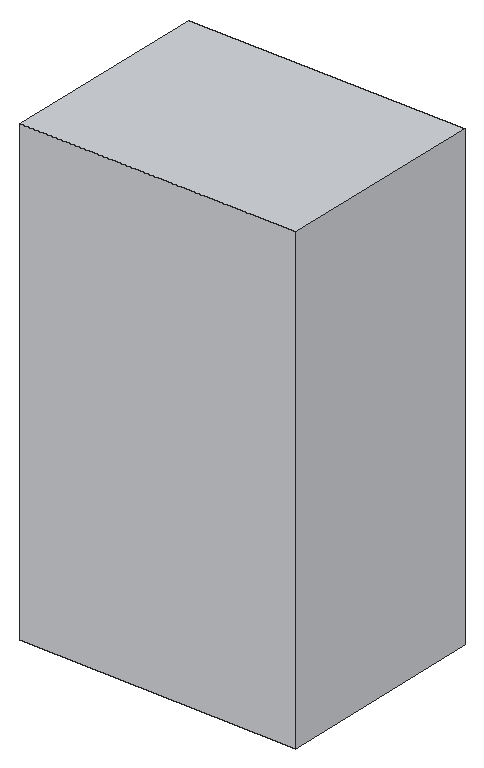
Revit family
Parameters
  Warranty Duration (Years) = 0
  Unit Length [instance] = 0' - 7 3/4"
  URL = "http://www.americanspecialties.com/viewCategories.cfm"
  Paper Roll = Paper
  Test Data = ""
  Body Material = Metal - Stainless Steel
  Specification = "http://www.arcat.com/sdspecs/htm/10810asi.htm"
  SpecWizard = ""
  Send Message = "http://www.arcat.com/users.pl?action=UserEmail&company=American%20Specialties,%20Inc.&coid=30448&rep=139&fax=914-476-0688&mf="
  Sales Information = "http://www.americanspecialties.com/contact"
  Revision = "R1_10-2010"
  Product Properties = "http://www.americanspecialties.com/datasheets/0697GAL.pdf"
  Product Data = "http://www.arcat.com/arcatcos/cos30/arc30448.html"
  Model = "As Specified in 10 28 13"
  Manufacturer Website = "http://www.americanspecialties.com/viewCategories.cfm"
  Manufacturer Phone - Toll Free = ""
  Manufacturer Phone = "914-476-9000 "
  Manufacturer Fax = "914-476-0688"
  Manufacturer Address = "441 Saw Mill River Rd., Yonkers, NY 10701"
  Manufacturer = "American Specialties, Inc."
  Maintenance Schedule (Months) = 0
  Keynote = "10 28 13"
  Installation-Fabrication = "http://www.americanspecialties.com/products.cfm"
  Green Building-LEED = ""
  Expected Lifespan (Years) = 0
  Trim Material = Metal - Stainless Steel
  Drawn By = "Robert S. Weygant. CSI, CDT, SCIP"  # constant formula
  Description = "Toilet Accessory as Specified in 10 28 13"
  Default Elevation = 4' - 0"
  Copyright = "©Arcat Inc."
  Construction Details = "http://www.arcat.com/green/clients/leed_data_30448.html"
  Building Codes = "http://www.americanspecialties.com/products.cfm"
  Assembly Code = "C1030210"
Reference planes (in)
  plane 1 "Center (Front/Back)": y = -0.29112
  plane 2 "Floor Line": z = 0
  plane 3 "Center (Left/Right)": x = -0.65843
  plane 4: z = 2.5
  plane 5: x = 8.34157
  plane 6: x = -9.65843
  plane 7: z = 5
  plane 8: y = 2.11513
  plane 9: y = -2.69737
  plane 10: y = 1.49013
  plane 11: z = 3
  plane 12: z = 2
Forms (in)
  Extrusion 1, solid
    sketch origin (-3, -9, -6) x (0, 0, -1) y (1, 0, 0)
      loop
        line (-82, 26) -> (-82, -19.34712) -> (-6, -19.34712) -> (-6, 26) -> (-82, 26)
    from 9 to -25.60721
  Extrusion 2, solid, material "Metal - Stainless Steel" <- "Body Material"
    sketch origin (0, -0.29112, 0) x (1, 0, 0) y (0, 0, 1)
      loop
        line (-9.65843, 5) -> (-9.65843, 0) -> (8.34157, 0) -> (8.34157, 5) -> (-9.65843, 5)
    from -2.40625 to -1.78125
  Extrusion 3, solid, material "Metal - Stainless Steel" <- "Body Material"
    sketch origin (0, 0, 0) x (1, 0, 0) y (0, 1, 0)
      loop
        line (-1.15843, -2.69737) -> (-0.15843, -2.69737) -> (-0.15843, 1.49013) -> (-1.15843, 1.49013) -> (-1.15843, -2.69737)
      loop
        line (-7.40843, -2.69737) -> (-6.40843, -2.69737) -> (-6.40843, 1.49013) -> (-7.40843, 1.49013) -> (-7.40843, -2.69737)
      loop
        line (6.09157, -2.69737) -> (6.09157, 1.49013) -> (5.09157, 1.49013) -> (5.09157, -2.69737) -> (6.09157, -2.69737)
    from 2 to 3
  Extrusion 4, solid, material "Metal - Stainless Steel" <- "Body Material"
    sketch origin (0, 0, 0) x (1, 0, 0) y (0, 1, 0)
      loop
        line (-9.65843, 1.30263) -> (-9.65843, -2.69737) -> (-8.97093, -2.69737) -> (-8.97093, 1.30263) -> (-9.65843, 1.30263)
    from 0 to 0.0625
  Extrusion 5, solid, material "Metal - Stainless Steel" <- "Body Material"
    sketch origin (-1.31687, 0, 0) x (-1, 0, 0) y (0, -1, 0)
      loop
        line (-9.65843, -1.30263) -> (-8.97093, -1.30263) -> (-8.97093, 2.69737) -> (-9.65843, 2.69737) -> (-9.65843, -1.30263)
    from 0 to 0.0625
  Extrusion 6, solid, material "Metal - Stainless Steel" <- "Body Material"
    sketch origin (-0.65843, 0, 0) x (0, 1, 0) y (0, 0, 1)
      loop
        line (-2.69737, 0) -> (1.49013, 0) -> (1.49013, 4.75) -> (1.42763, 4.75)
        arc (1.42763, 4.75) -> (0.15425, 1.93623) -> (-2.69737, 0.75) r 4.20752
        line (-2.69737, 0.75) -> (-2.69737, 0)
    from -9 to -8.9375
  Extrusion 7, solid, material "Metal - Stainless Steel" <- "Body Material"
    sketch origin (-0.65843, 0, 0) x (0, 1, 0) y (0, 0, -1)
      loop
        line (-2.69737, 0) -> (-2.69737, -0.75)
        arc (-2.69737, -0.75) -> (0.15425, -1.93623) -> (1.42763, -4.75) r 4.20752
        line (1.42763, -4.75) -> (1.49013, -4.75) -> (1.49013, 0) -> (-2.69737, 0)
    from -9 to -8.9375
  Extrusion 8, void
    sketch origin (0, 3.75, 0) x (1, 0, 0) y (0, 1, 0)
      loop
        circle (-9.31468, -3.82237) r 0.125
      loop
        line (-9.43968, -5.57237) -> (-9.43968, -5.82237)
        arc (-9.43968, -5.82237) -> (-9.31468, -5.94737) -> (-9.18968, -5.82237) r 0.125
        line (-9.18968, -5.82237) -> (-9.18968, -5.57237)
        arc (-9.18968, -5.57237) -> (-9.31468, -5.44737) -> (-9.43968, -5.57237) r 0.125
    from 0 to 0.0625
  Extrusion 9, void
    sketch origin (-1.31687, 3.75, 0) x (-1, 0, 0) y (0, -1, 0)
      loop
        circle (-9.31468, 3.82237) r 0.125
      loop
        arc (-9.43968, 5.57237) -> (-9.31468, 5.44737) -> (-9.18968, 5.57237) r 0.125
        line (-9.18968, 5.57237) -> (-9.18968, 5.82237)
        arc (-9.18968, 5.82237) -> (-9.31468, 5.94737) -> (-9.43968, 5.82237) r 0.125
        line (-9.43968, 5.82237) -> (-9.43968, 5.57237)
    from 0 to 0.0625
  Revolve 10, solid, material "Metal - Stainless Steel" <- "Body Material"
    sketch origin (3.125, -1.29112, -0.75) x (1, 0, 0) y (0, 0, 1)
      loop
        line (2.01185, 3.25) -> (2.01185, 3.49901) -> (1.96657, 3.49901) -> (1.90782, 3.625) -> (1.85877, 3.625) -> (1.85877, 3.6875) -> (-0.65843, 3.6875) -> (-0.65843, 3.75) -> (-3.17564, 3.75) -> (-3.17564, 3.625) -> (-3.22469, 3.625) -> (-3.28343, 3.49901) -> (-3.32872, 3.49901) -> (-3.32872, 3.25) -> (2.01185, 3.25)
      axis (-3.32872, 3.25) -> (2.01185, 3.25)
    angle from 0 to 360
  Extrusion 11, solid, material "Paper" <- "Paper Roll"
    sketch origin (-0.65843, -1, 0) x (0, 1, 0) y (0, 0, 1)
      loop
        circle (-0.29112, 2.5) r 0.4375
      loop
        circle (-0.29112, 2.5) r 2
    from -5.64221 to -0.60779
  Extrusion 12, solid, material "Paper" <- "Paper Roll"
    sketch origin (-0.65843, -1, 0) x (0, 1, 0) y (0, 0, -1)
      loop
        circle (-0.29112, -2.5) r 0.4375
      loop
        circle (-0.29112, -2.5) r 2
    from -5.64221 to -0.60779
  Revolve 13, solid, material "Metal - Stainless Steel" <- "Body Material"
    sketch origin (-4.44187, -1.29112, -0.75) x (-1, 0, 0) y (0, 0, -1)
      loop
        line (2.01185, -3.25) -> (-3.32872, -3.25) -> (-3.32872, -3.49901) -> (-3.28343, -3.49901) -> (-3.22469, -3.625) -> (-3.17564, -3.625) -> (-3.17564, -3.75) -> (-0.65843, -3.75) -> (-0.65843, -3.6875) -> (1.85877, -3.6875) -> (1.85877, -3.625) -> (1.90782, -3.625) -> (1.96657, -3.49901) -> (2.01185, -3.49901) -> (2.01185, -3.25)
      axis (-3.32872, -3.25) -> (2.01185, -3.25)
    angle from 0 to 360
Cuts and joins
  Extrusion 8, Extrusion 9 cuts Extrusion 4
  Extrusion 9 cuts Extrusion 5
Dimensions and locks (in)
  aligned and locked: plane 6 to Extrusion 2 sketch curve
  aligned and locked: Extrusion 2 sketch curve to plane 7
  aligned and locked: level to Extrusion 2 sketch curve
  aligned and locked: Extrusion 2 sketch curve to plane 5
  aligned and locked: Extrusion 2 to plane 6
  aligned and locked: plane 5 to Extrusion 2
  aligned and locked: Extrusion 2 to plane 8
  aligned and locked: plane 10 to Extrusion 2
  aligned and locked: plane 11 to Extrusion 3
  aligned and locked: Extrusion 3 to plane 12
  aligned and locked: plane 6 to Extrusion 4 sketch curve
  aligned and locked: Extrusion 4 sketch curve to plane 9
  aligned and locked: Extrusion 2 to Extrusion 6 sketch curve
  aligned and locked: Extrusion 6 sketch curve to Extrusion 4
  aligned and locked: Extrusion 6 to plane 6
  aligned and locked: plane 5 to Extrusion 7
  aligned and locked: Extrusion 5 to cut or joined group of Extrusion 4, Extrusion 8, Extrusion 9
  aligned and locked: Extrusion 4 to Extrusion 8
  aligned and locked: Extrusion 8 to level
